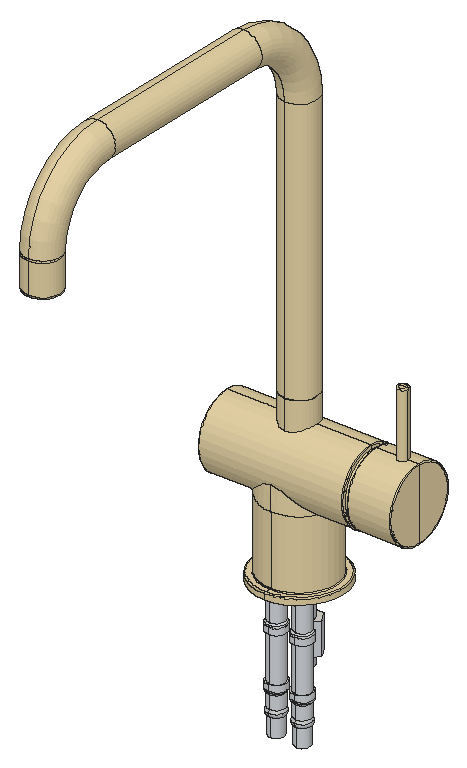
Revit family "Reece_Tap_Sussex_Scala_Square_Sink Mixer", category Plumbing Fixtures, host Face, Revit 2018
Family settings
  Host = Face
  Round Connector Dimension = Use Diameter
  Part Type = Normal
  Cut with Voids When Loaded = No
  Shared = Yes
  Room Calculation Point = Yes
Parameters (values of type "200 mm_4 Star_Right Hand_Living Rustic Bronze")
  WFU = 0  # constant formula
  URL = "https://www.reece.com.au/product/-2281057"
  Type Comments = "Tap"
  Reece_Tap_Spout_Radius = 11 mm
  Reece_Tap_Spout_Angle = 43 mm
  Reece_Tap_Reach = 200 mm
  Reece_Tap_Inlet = 12 mm  # constant formula
  Reece_Tap_Clearance = 250 mm
  Reece_Right_Hand = not(Reece_Left_Hand)  # yes
  Reece_Product_Web Page = "https://www.reece.com.au/product/-2281057"
  Reece_Product_Type = "Tap"  # constant formula
  Reece_Product_Sub Brand = "Scala"  # constant formula
  Reece_Product_Number = "2281057"
  Reece_Product_Mount = "Hob Mounted"
  Reece_Product_Description = "Sussex Scala Sink Mixer Tap Large Square Right Hand Living Rustic Bronze (4 Star)"
  Reece_Product_Brand = "Sussex"  # constant formula
  Reece_Overall_Height = 325 mm
  Reece_Overall_Diameter = 54 mm  # constant formula
  Reece_Material_Main = Reece_Metal_Bronze_Living Rustic
  Reece_Left_Hand = no
  Reece_Detail_Type = "Sink Mixer"  # constant formula
  Reece_Detail_Shape = "Square"  # constant formula
  Reece_Detail_Disclaimer = "THIS FILE IS THE PROPERTY OF THE REECE GROUP. IT MAY NOT BE REPRODUCED, REVERSE-ENGINEERED OR MODIFIED. ANY REPUBLICATION, TRANSMISSION OR DISTRIBUTION FOR THE PURPOSE OF COMMERCIALLY EXPLOITING THE FILES IS PROHIBITED."  # constant formula
  Model = "Scala"
  Manufacturer = "Sussex"
  Keynote = "Product #2281057, Reece_Tap_Sussex_Scala_Square_Sink Mixer - 200 mm_4 Star_Right Hand_Living Rustic Bronze"
  HWFU = 0  # constant formula
  Disclaimer = "THIS FILE IS THE PROPERTY OF THE REECE GROUP. IT MAY NOT BE REPRODUCED, REVERSE-ENGINEERED OR MODIFIED. ANY REPUBLICATION, TRANSMISSION OR DISTRIBUTION FOR THE PURPOSE OF COMMERCIALLY EXPLOITING THE FILES IS PROHIBITED."  # constant formula
  Description = "Scala Sink Mixer Tap Large Square Right Hand Living Rustic Bronze (4 Star)"
  Default Elevation = 1000 mm
  CWFU = 0  # constant formula
Types (17, lengths in mm): name | URL | Reece_Tap_Spout_Radius | Reece_Tap_Spout_Angle | Reece_Tap_Reach | Reece_Tap_Clearance | Reece_Right_Hand | Reece_Product_Web Page | Reece_Product_Number | Reece_Product_Description | Reece_Overall_Height | Reece_Material_Main | Reece_Left_Hand | Keynote | Description
  200 mm_4 Star_Left Hand_PVD Brushed Platinum Gold | "https://www.reece.com.au/product/-2268196" | 11 | 43 | 200 | 250 | no | "https://www.reece.com.au/product/-2268196" | "2268196" | "Sussex Scala Sink Mixer Tap Large Square Left Hand LUX PVD Brushed Platinum Gold (4 Star)" | 325 | Reece_PVD_Brushed_Platinum Gold | yes | "Product #2268196, Reece_Tap_Sussex_Scala_Square_Sink Mixer - 200 mm_4 Star_Left Hand_PVD Brushed Platinum Gold" | "Scala Sink Mixer Tap Large Square Left Hand LUX PVD Brushed Platinum Gold (4 Star)"
  200 mm_4 Star_Left Hand_Chrome | "https://www.reece.com.au/product/-2263000" | 11 | 43 | 200 | 250 | no | "https://www.reece.com.au/product/-2263000" | "2263000" | "Sussex Scala Sink Mixer Tap Large Square Left Hand Chrome (4 Star)" | 325 | Reece_Brass_Chrome | yes | "Product #2263000, Reece_Tap_Sussex_Scala_Square_Sink Mixer - 200 mm_4 Star_Left Hand_Chrome" | "Scala Sink Mixer Tap Large Square Left Hand Chrome (4 Star)"
  200 mm_4 Star_Left Hand_Satin Chrome | "https://www.reece.com.au/product/-2263001" | 11 | 43 | 200 | 250 | no | "https://www.reece.com.au/product/-2263001" | "2263001" | "Sussex Scala Sink Mixer Tap Large Square Left Hand Satin Chrome (4 Star)" | 325 | Reece_Brass_Satin Chrome | yes | "Product #2263001, Reece_Tap_Sussex_Scala_Square_Sink Mixer - 200 mm_4 Star_Left Hand_Satin Chrome" | "Scala Sink Mixer Tap Large Square Left Hand Satin Chrome (4 Star)"
  210 mm_4 Star_Right Hand_Brushed Stainless Steel | "https://www.reece.com.au/product/-2263005" | 12.5 | 45 | 210 | 240 | yes | "https://www.reece.com.au/product/-2263005" | "2263005" | "Sussex Scala Sink Mixer Tap Large Square Right Hand 316 Stainless Steel (4 Star)" | 330 | Reece_Metal_Brushed Stainless Steel | no | "Product #2263005, Reece_Tap_Sussex_Scala_Square_Sink Mixer - 210 mm_4 Star_Right Hand_Brushed Stainless Steel" | "Scala Sink Mixer Tap Large Square Right Hand 316 Stainless Steel (4 Star)"
  200 mm_4 Star_Right Hand_Brushed Gunmetal | "https://www.reece.com.au/product/-2263126" | 11 | 43 | 200 | 250 | yes | "https://www.reece.com.au/product/-2263126" | "2263126" | "Sussex Scala Sink Mixer Tap Large Square Right Hand Brushed Gunmetal (4 Star)" | 325 | Reece_Brass_Brushed Gunmetal | no | "Product #2263126, Reece_Tap_Sussex_Scala_Square_Sink Mixer - 200 mm_4 Star_Right Hand_Brushed Gunmetal" | "Scala Sink Mixer Tap Large Square Right Hand Brushed Gunmetal (4 Star)"
  200 mm_4 Star_Right Hand_Brushed Nickel | "https://www.reece.com.au/product/-2263405" | 11 | 43 | 200 | 250 | yes | "https://www.reece.com.au/product/-2263405" | "2263405" | "Sussex Scala Sink Mixer Tap Large Square Right Hand Brushed Nickel (4 Star)" | 325 | Reece_Brass_Brushed Nickel | no | "Product #2263405, Reece_Tap_Sussex_Scala_Square_Sink Mixer - 200 mm_4 Star_Right Hand_Brushed Nickel" | "Scala Sink Mixer Tap Large Square Right Hand Brushed Nickel (4 Star)"
  200 mm_4 Star_Right Hand_Chrome | "https://www.reece.com.au/product/-2261625" | 11 | 43 | 200 | 250 | yes | "https://www.reece.com.au/product/-2261625" | "2261625" | "Sussex Scala Sink Mixer Tap Large Square Right Hand Chrome (4 Star)" | 325 | Reece_Brass_Chrome | no | "Product #2261625, Reece_Tap_Sussex_Scala_Square_Sink Mixer - 200 mm_4 Star_Right Hand_Chrome" | "Scala Sink Mixer Tap Large Square Right Hand Chrome (4 Star)"
  200 mm_4 Star_Right Hand_Living Rustic Bronze | "https://www.reece.com.au/product/-2281057" | 11 | 43 | 200 | 250 | yes | "https://www.reece.com.au/product/-2281057" | "2281057" | "Sussex Scala Sink Mixer Tap Large Square Right Hand Living Rustic Bronze (4 Star)" | 325 | Reece_Metal_Bronze_Living Rustic | no | "Product #2281057, Reece_Tap_Sussex_Scala_Square_Sink Mixer - 200 mm_4 Star_Right Hand_Living Rustic Bronze" | "Scala Sink Mixer Tap Large Square Right Hand Living Rustic Bronze (4 Star)"
  200 mm_4 Star_Right Hand_Living Tumbled Brass | "https://www.reece.com.au/product/-2263129" | 11 | 43 | 200 | 250 | yes | "https://www.reece.com.au/product/-2263129" | "2263129" | "Sussex Scala Sink Mixer Tap Large Square Right Hand Living Tumbled Brass (4 Star)" | 325 | Reece_Brass_Living Tumbled | no | "Product #2263129, Reece_Tap_Sussex_Scala_Square_Sink Mixer - 200 mm_4 Star_Right Hand_Living Tumbled Brass" | "Scala Sink Mixer Tap Large Square Right Hand Living Tumbled Brass (4 Star)"
  200 mm_4 Star_Right Hand_PVD Brushed Platinum Gold | "https://www.reece.com.au/product/-2268195" | 11 | 43 | 200 | 250 | yes | "https://www.reece.com.au/product/-2268195" | "2268195" | "Sussex Scala Sink Mixer Tap Large Square Right Hand LUX PVD Brushed Platinum Gold (4 Star)" | 325 | Reece_PVD_Brushed_Platinum Gold | no | "Product #2268195, Reece_Tap_Sussex_Scala_Square_Sink Mixer - 200 mm_4 Star_Right Hand_PVD Brushed Platinum Gold" | "Scala Sink Mixer Tap Large Square Right Hand LUX PVD Brushed Platinum Gold (4 Star)"
  200 mm_4 Star_Right Hand_Matte Black | "https://www.reece.com.au/product/-2263127" | 11 | 43 | 200 | 250 | yes | "https://www.reece.com.au/product/-2263127" | "2263127" | "Sussex Scala Sink Mixer Tap Large Square Right Hand Matte Black (4 Star)" | 325 | Reece_Brass_Matte Black | no | "Product #2263127, Reece_Tap_Sussex_Scala_Square_Sink Mixer - 200 mm_4 Star_Right Hand_Matte Black" | "Scala Sink Mixer Tap Large Square Right Hand Matte Black (4 Star)"
  200 mm_4 Star_Right Hand_Satin Chrome | "https://www.reece.com.au/product/-2261673" | 11 | 43 | 200 | 250 | yes | "https://www.reece.com.au/product/-2261673" | "2261673" | "Sussex Scala Sink Mixer Tap Large Square Right Hand Satin Chrome (4 Star)" | 325 | Reece_Brass_Satin Chrome | no | "Product #2261673, Reece_Tap_Sussex_Scala_Square_Sink Mixer - 200 mm_4 Star_Right Hand_Satin Chrome" | "Scala Sink Mixer Tap Large Square Right Hand Satin Chrome (4 Star)"
  145 mm_4 Star_Left Hand_Chrome | "https://www.reece.com.au/product/-2262899" | 11 | 45 | 145 | 150 | no | "https://www.reece.com.au/product/-2262899" | "2262899" | "Sussex Scala Sink Mixer Tap Small Square Left Hand Chrome (4 Star)" | 240 | Reece_Brass_Chrome | yes | "Product #2262899, Reece_Tap_Sussex_Scala_Square_Sink Mixer - 145 mm_4 Star_Left Hand_Chrome" | "Scala Sink Mixer Tap Small Square Left Hand Chrome (4 Star)"
  145 mm_4 Star_Left Hand_Satin Chrome | "https://www.reece.com.au/product/-2262900" | 11 | 45 | 145 | 150 | no | "https://www.reece.com.au/product/-2262900" | "2262900" | "Sussex Scala Sink Mixer Tap Small Square Left Hand Satin Chrome (4 Star)" | 240 | Reece_Brass_Satin Chrome | yes | "Product #2262900, Reece_Tap_Sussex_Scala_Square_Sink Mixer - 145 mm_4 Star_Left Hand_Satin Chrome" | "Scala Sink Mixer Tap Small Square Left Hand Satin Chrome (4 Star)"
  145 mm_4 Star_Right Hand_Brushed Nickel | "https://www.reece.com.au/product/-2263997" | 11 | 45 | 145 | 150 | yes | "https://www.reece.com.au/product/-2263997" | "2263997" | "Sussex Scala Sink Mixer Tap Small Square Right Hand Brushed Nickel (4 Star)" | 240 | Reece_Brass_Brushed Nickel | no | "Product #2263997, Reece_Tap_Sussex_Scala_Square_Sink Mixer - 145 mm_4 Star_Right Hand_Brushed Nickel" | "Scala Sink Mixer Tap Small Square Right Hand Brushed Nickel (4 Star)"
  145 mm_4 Star_Right Hand_Chrome | "https://www.reece.com.au/product/-2261621" | 11 | 45 | 145 | 150 | yes | "https://www.reece.com.au/product/-2261621" | "2261621" | "Sussex Scala Sink Mixer Tap Small Square Right Hand Chrome (4 Star)" | 240 | Reece_Brass_Chrome | no | "Product #2261621, Reece_Tap_Sussex_Scala_Square_Sink Mixer - 145 mm_4 Star_Right Hand_Chrome" | "Scala Sink Mixer Tap Small Square Right Hand Chrome (4 Star)"
  145 mm_4 Star_Right Hand_Satin Chrome | "https://www.reece.com.au/product/-2261668" | 11 | 45 | 145 | 150 | yes | "https://www.reece.com.au/product/-2261668" | "2261668" | "Sussex Scala Sink Mixer Tap Small Square Right Hand Satin Chrome (4 Star)" | 240 | Reece_Brass_Satin Chrome | no | "Product #2261668, Reece_Tap_Sussex_Scala_Square_Sink Mixer - 145 mm_4 Star_Right Hand_Satin Chrome" | "Scala Sink Mixer Tap Small Square Right Hand Satin Chrome (4 Star)"
Reference planes
  plane 1 "Center (Front/Back)": y = 0
  plane 2 "Bottom": z = 0
  plane 3 "Center (Left/Right)": x = 0
  plane 4: z = 250
  plane 5: z = 130
  plane 6: z = 325
  plane 7: y = 22.5
  plane 8: y = -22.5
  plane 9: y = -200
  plane 10: z = 90
  plane 11: z = 67.5
  plane 12: z = 45
  plane 13: x = -27
  plane 14: x = 27
  plane 15: x = -75.1
  plane 16: x = 44.9
  plane 17: x = -11
  plane 18: x = 11
  plane 19: x = -45.1
  plane 20: x = 74.9
  plane 21: y = -73
  plane 22: z = 270
Forms (mm)
  Revolve 1, solid, material "Reece_Metal_Bronze_Living Rustic" <- "Reece_Material_Main"
    sketch origin (0, 0, 0) x (1, 0, 0) y (0, 0, 1)
      loop
        line (-45.1, 67.5) -> (44.9, 67.5) -> (44.9, 89.5)
        arc (44.9, 89.5) -> (44.754, 89.854) -> (44.4, 90) r 0.5
        line (44.4, 90) -> (-44.575, 90)
        arc (-44.575, 90) -> (-44.946, 89.846) -> (-45.1, 89.475) r 0.525
        line (-45.1, 89.475) -> (-45.1, 67.5)
      axis (-45.1, 67.5) -> (44.9, 67.5)
    angle from 0 to 360
  Revolve 2, solid, material "Reece_Metal_Bronze_Living Rustic" <- "Reece_Material_Main", visible <- "Reece_Left_Hand"
    sketch origin (-12.1, 0, 0) x (1, 0, 0) y (0, 0, 1)
      loop
        arc (-33, 88.26) -> (-47.019, 81.96) -> (-52.227, 67.5) r 19.669
        line (-52.227, 67.5) -> (-33, 67.5) -> (-33, 88.26)
      axis (-52.227, 67.5) -> (-33, 67.5)
    angle from 0 to 360
  Revolve 3, solid, material "Reece_Metal_Bronze_Living Rustic" <- "Reece_Material_Main", visible <- "Reece_Left_Hand"
    sketch origin (-12, 0, 0) x (1, 0, 0) y (0, 0, 1)
      loop
        line (-63.1, 67.5) -> (-36, 67.5) -> (-36, 89.5)
        arc (-36, 89.5) -> (-36.146, 89.854) -> (-36.5, 90) r 0.5
        line (-36.5, 90) -> (-62.6, 90)
        arc (-62.6, 90) -> (-62.954, 89.854) -> (-63.1, 89.5) r 0.5
        line (-63.1, 89.5) -> (-63.1, 67.5)
      axis (-63.1, 67.5) -> (-36, 67.5)
    angle from 0 to 360
  Revolve 4, solid, material "Reece_Metal_Bronze_Living Rustic" <- "Reece_Material_Main", visible <- "Reece_Left_Hand"
    sketch origin (-12, 0, 0) x (1, 0, 0) y (0, 0, 1)
      loop
        line (-52.7, 130) -> (-52.7, 73.2) -> (-49.55, 73.2) -> (-49.55, 129.385)
        arc (-49.55, 129.385) -> (-49.73, 129.82) -> (-50.165, 130) r 0.615
        line (-50.165, 130) -> (-52.7, 130)
      axis (-52.7, 130) -> (-52.7, 73.2)
    angle from 0 to 360
  Extrusion 5, void
    sketch origin (0, 0, 0) x (1, 0, 0) y (0, 1, 0)
      loop
        circle (0, 0) r 15.193
    from -15.592 to 15.518
  Revolve 6, solid, material "Reece_Metal_Bronze_Living Rustic" <- "Reece_Material_Main"
    sketch origin (0, -20, 0) x (0, 1, 0) y (0, 0, 1)
      loop
        line (-180, 250) -> (-180, 271.165) -> (-190.2, 271.165) -> (-190.2, 269.959) -> (-191, 269.959) -> (-191, 250.5)
        arc (-191, 250.5) -> (-190.854, 250.146) -> (-190.5, 250) r 0.5
        line (-190.5, 250) -> (-189.644, 250) -> (-189.644, 251.428) -> (-188.793, 251.428) -> (-187.968, 250) -> (-180, 250)
      axis (-180, 271.165) -> (-180, 250)
    angle from 0 to 360
  Revolve 7, solid
    sketch origin (0, -6.983, -4.38) x (0, 1, 0) y (0, 0, 1)
      loop
        line (11.924, 6.27) -> (11.924, -47)
        arc (11.924, -47) -> (12.07, -47.353) -> (12.424, -47.5) r 0.5
        line (12.424, -47.5) -> (14.924, -47.5) -> (14.924, 6.27) -> (11.924, 6.27)
      axis (14.924, -47.5) -> (14.924, 6.27)
    angle from 0 to 360
  Extrusion 8, solid
    sketch origin (619.2, -626.183, -34.38) x (1, 0, 0) y (0, 1, 0)
      loop
        circle (-619.2, 634.124) r 3
      loop
        line (-622.996, 640.698) -> (-626.791, 634.124) -> (-622.996, 627.549) -> (-615.404, 627.549) -> (-611.609, 634.124) -> (-615.404, 640.698) -> (-622.996, 640.698)
    from -10 to 10
  Revolve 9, solid
    sketch origin (-8.271, -4579.5, 333.442) x (0, 0, 1) y (0, -1, 0)
      loop
        line (-389.647, -4565.8) -> (-393.549, -4565.8)
        arc (-393.549, -4565.8) -> (-394.023, -4565.877) -> (-394.449, -4566.101) r 1.5
        line (-394.449, -4566.101) -> (-395.687, -4567.03) -> (-404.047, -4567.03) -> (-406.076, -4566.425)
        arc (-406.076, -4566.425) -> (-407.469, -4566.518) -> (-408.462, -4567.5) r 2
        line (-408.462, -4567.5) -> (-419.774, -4567.5) -> (-419.774, -4572) -> (-331.553, -4572) -> (-331.553, -4568.64) -> (-338.011, -4568.64) -> (-338.011, -4567.03) -> (-355.506, -4567.03) -> (-356.743, -4566.101)
        arc (-356.743, -4566.101) -> (-357.169, -4565.877) -> (-357.644, -4565.8) r 1.5
        line (-357.644, -4565.8) -> (-361.546, -4565.8) -> (-361.546, -4567) -> (-389.647, -4567) -> (-389.647, -4565.8)
      axis (-419.774, -4572) -> (-331.553, -4572)
    angle from 0 to 360
  Revolve 10, solid
    sketch origin (8.029, -4579.5, 333.442) x (0, 0, 1) y (0, 1, 0)
      loop
        line (-389.647, 4565.8) -> (-389.647, 4567) -> (-361.546, 4567) -> (-361.546, 4565.8) -> (-357.644, 4565.8)
        arc (-357.644, 4565.8) -> (-357.169, 4565.877) -> (-356.743, 4566.101) r 1.5
        line (-356.743, 4566.101) -> (-355.506, 4567.03) -> (-338.011, 4567.03) -> (-338.011, 4568.64) -> (-331.553, 4568.64) -> (-331.553, 4572) -> (-419.774, 4572) -> (-419.774, 4567.5) -> (-408.462, 4567.5)
        arc (-408.462, 4567.5) -> (-407.469, 4566.518) -> (-406.076, 4566.425) r 2
        line (-406.076, 4566.425) -> (-404.047, 4567.03) -> (-395.687, 4567.03) -> (-394.449, 4566.101)
        arc (-394.449, 4566.101) -> (-394.023, 4565.877) -> (-393.549, 4565.8) r 1.5
        line (-393.549, 4565.8) -> (-389.647, 4565.8)
      axis (-419.774, 4572) -> (-331.553, 4572)
    angle from 0 to 360
  Revolve 11, solid, material "Reece_Metal_Bronze_Living Rustic" <- "Reece_Material_Main"
    sketch origin (0, 0, 0) x (0, 1, 0) y (0, 0, 1)
      loop
        line (-15.193, 0) -> (-15.193, 1.889) -> (0, 1.889) -> (0, 106.091) -> (-9.884, 106.091) -> (-11, 105.154) -> (-11, 65) -> (-21.5, 65)
        arc (-21.5, 65) -> (-22.25, 56.014) -> (-22.5, 47) r 162.5
        line (-22.5, 47) -> (-22.5, 4.5)
        arc (-22.5, 4.5) -> (-22.646, 4.146) -> (-23, 4) r 0.5
        line (-23, 4) -> (-26.4, 4)
        arc (-26.4, 4) -> (-26.824, 3.824) -> (-27, 3.4) r 0.6
        line (-27, 3.4) -> (-27, 0) -> (-15.193, 0)
      axis (0, 106.091) -> (0, 0)
    angle from 0 to 360
  Revolve 12, solid, material "Reece_Metal_Bronze_Living Rustic" <- "Reece_Material_Main", visible <- "Reece_Right_Hand"
    sketch origin (11.9, 0, 0) x (-1, 0, 0) y (0, 0, 1)
      loop
        arc (-33, 88.26) -> (-47.019, 81.96) -> (-52.227, 67.5) r 19.669
        line (-52.227, 67.5) -> (-33, 67.5) -> (-33, 88.26)
      axis (-52.227, 67.5) -> (-33, 67.5)
    angle from 0 to 360
  Revolve 13, solid, material "Reece_Metal_Bronze_Living Rustic" <- "Reece_Material_Main", visible <- "Reece_Right_Hand"
    sketch origin (11.8, 0, 0) x (-1, 0, 0) y (0, 0, 1)
      loop
        line (-63.1, 67.5) -> (-36, 67.5) -> (-36, 89.5)
        arc (-36, 89.5) -> (-36.146, 89.854) -> (-36.5, 90) r 0.5
        line (-36.5, 90) -> (-62.6, 90)
        arc (-62.6, 90) -> (-62.954, 89.854) -> (-63.1, 89.5) r 0.5
        line (-63.1, 89.5) -> (-63.1, 67.5)
      axis (-63.1, 67.5) -> (-36, 67.5)
    angle from 0 to 360
  Revolve 14, solid, material "Reece_Metal_Bronze_Living Rustic" <- "Reece_Material_Main", visible <- "Reece_Right_Hand"
    sketch origin (12, 0, 0) x (-1, 0, 0) y (0, 0, 1)
      loop
        line (-52.7, 130) -> (-52.7, 73.2) -> (-49.55, 73.2) -> (-49.55, 129.385)
        arc (-49.55, 129.385) -> (-49.73, 129.82) -> (-50.165, 130) r 0.615
        line (-50.165, 130) -> (-52.7, 130)
      axis (-52.7, 130) -> (-52.7, 73.2)
    angle from 0 to 360
  Sweep 15, solid, material "Reece_Metal_Bronze_Living Rustic" <- "Reece_Material_Main"
    path origin (0, 0, 0) x (0, 1, 0) y (0, 0, 1)
      loop
        line (0, 105.643) -> (0, 271)
        arc (0, 271) -> (-12.594, 301.406) -> (-43, 314) r 43
        line (-43, 314) -> (-157, 314)
        arc (-157, 314) -> (-187.406, 301.406) -> (-200, 271) r 43
        line (-200, 271) -> (-200, 269.959)
    profile origin (0, 0, 188.322) x (0, -1, 0) y (1, 0, 0)
      loop
        circle (0, 0) r 11
Cuts and joins
  joined: Revolve 1, Revolve 11, Sweep 15
  joined: Revolve 2, Revolve 3, Revolve 4
  joined: Revolve 13, Revolve 14
Text (mm)
  text "Reece Copyright © 2018, Reece Ltd." at (-296.225, -219.523, 0), in view "Ref. Level"
  text "Reece ©" at (44.384, 258.95, 192.345), in view "Reece Preview"
Dimensions and locks
  "Reece_Tap_Clearance": plane 4 to plane 2 "Bottom"
  "Reece_Overall_Height": plane 6 to plane 2 "Bottom"
  "Reece_Tap_Reach": plane 1 "Center (Front/Back)" to plane 9
  plane 10 to plane 2 "Bottom" = 90 mm
  plane 5 to plane 12 = 85 mm
  "Reece_Overall_Diameter": plane 13 to plane 14
  plane 15 to plane 16 = 120 mm
  plane 15 to plane 3 "Center (Left/Right)" to plane 20 = 75.1 mm, 74.9 mm
  plane 11 to host face = 67.5 mm
  "Reece_Tap_Spout_Radius": Sweep 15 sketch curve to plane 6
  plane 17 to plane 18 = 22 mm
  "Reece_Tap_Spout_Radius": Revolve 6 sketch curve to Revolve 6 sketch curve
  "Reece_Tap_Spout_Radius": Revolve 11 sketch curve to Revolve 11 sketch curve
  locked: plane 22 to plane 4 at 20
  "Reece_Tap_Spout_Radius": radius of Sweep 15 sketch curve
  "Reece_Tap_Spout_Angle": radius of Sweep 15 sketch curve  (x2)
  aligned and locked: plane 2 "Bottom" to host face
  aligned and locked: level to host face
Automatic sketch dimensions
  host sketch curve to host sketch curve = 380.785 mm
  host sketch curve to host sketch curve = 317.421 mm
  Revolve 1 sketch curve to plane 11 = 0 mm  (x2)
  plane 19 to Revolve 1 sketch curve = 0 mm
  Revolve 1 sketch curve to plane 10 = 0 mm
  Revolve 1 sketch curve to plane 3 "Center (Left/Right)" = 0 mm
  plane 16 to Revolve 1 sketch curve = 0 mm
  Revolve 1 sketch curve to plane 19 = 0.525 mm
  plane 16 to Revolve 1 sketch curve = 0.5 mm
  plane 13 to Revolve 1 sketch curve = 2.502 mm
  Revolve 2 sketch curve to plane 11 = 0 mm  (x2)
  plane 19 to Revolve 2 sketch curve = 0 mm
  Revolve 2 sketch curve to plane 15 = 10.773 mm
  Revolve 2 sketch curve to plane 19 = 0.412 mm
  plane 11 to Revolve 2 sketch curve = 1.095 mm
  Revolve 2 sketch curve to Revolve 2 sketch curve = 5.701 mm
  Revolve 2 sketch curve to plane 19 = 1.467 mm
  plane 15 to Revolve 3 sketch curve = 0 mm
  Revolve 3 sketch curve to plane 10 = 0 mm
  Revolve 3 sketch curve to plane 11 = 0 mm  (x2)
  Revolve 3 sketch curve to plane 10 = 0.5 mm
  plane 19 to Revolve 3 sketch curve = 3.4 mm
  plane 19 to Revolve 3 sketch curve = 2.9 mm
  Revolve 3 sketch curve to plane 15 = 8.49 mm
  Revolve 3 sketch curve to Revolve 3 sketch curve = 2.842 mm
  Revolve 4 sketch curve to plane 5 = 0 mm
  Revolve 4 sketch curve to plane 15 = 10.4 mm
  plane 5 to Revolve 4 sketch curve = 0.615 mm
  Revolve 4 sketch curve to Revolve 4 sketch curve = 2.535 mm
  plane 11 to Revolve 4 sketch curve = 5.7 mm
  Revolve 4 sketch curve to Revolve 4 sketch curve = 0 mm
  Revolve 4 sketch curve to Revolve 4 sketch curve = 5 mm
  Revolve 4 sketch curve to Revolve 4 sketch curve = 2.831 mm
  plane 1 "Center (Front/Back)" to Extrusion 5 sketch curve = 0 mm
  Extrusion 5 sketch curve to plane 3 "Center (Left/Right)" = 0 mm
  level to Revolve 7 sketch curve = 1.889 mm
  Revolve 7 sketch curve to plane 1 "Center (Front/Back)" = 4.941 mm
  Revolve 7 sketch curve to Revolve 7 sketch curve = 0.5 mm
  Revolve 7 sketch curve to Revolve 7 sketch curve = 2.5 mm
  Revolve 7 sketch curve to level = 51.38 mm
  Revolve 7 sketch curve to plane 1 "Center (Front/Back)" = 7.941 mm
  Revolve 7 sketch curve to Revolve 7 sketch curve = 0 mm
  Revolve 7 sketch curve to Revolve 7 sketch curve = 13.87 mm
  Extrusion 8 sketch curve to Extrusion 8 sketch curve = 0 mm  (x3)
  Extrusion 8 sketch curve to plane 3 "Center (Left/Right)" = 0 mm
  Extrusion 8 sketch curve to plane 3 "Center (Left/Right)" = 3.796 mm  (x2)
  Extrusion 8 sketch curve to plane 1 "Center (Front/Back)" = 1.367 mm
  Extrusion 8 sketch curve to plane 17 = 3.409 mm
  plane 3 "Center (Left/Right)" to Extrusion 8 sketch curve = 3.796 mm  (x2)
  plane 18 to Extrusion 8 sketch curve = 3.409 mm
  Extrusion 8 sketch curve to Extrusion 8 sketch curve = 6.574 mm  (x3)
  Extrusion 8 sketch curve to Extrusion 8 sketch curve = 3 mm
  Revolve 9 sketch curve to plane 8 = 10.5 mm
  Revolve 9 sketch curve to level = 86.332 mm
  Revolve 9 sketch curve to Revolve 9 sketch curve = 11.313 mm
  Revolve 9 sketch curve to Revolve 9 sketch curve = 1.814 mm
  Revolve 9 sketch curve to plane 8 = 9.425 mm
  Revolve 9 sketch curve to Revolve 9 sketch curve = 0.571 mm
  Revolve 9 sketch curve to plane 8 = 10.03 mm  (x2)
  Revolve 9 sketch curve to Revolve 9 sketch curve = 2.029 mm
  Revolve 9 sketch curve to Revolve 9 sketch curve = 8.36 mm
  Revolve 9 sketch curve to plane 8 = 9.101 mm  (x2)
  Revolve 9 sketch curve to Revolve 9 sketch curve = 1.238 mm  (x2)
  Revolve 9 sketch curve to Revolve 9 sketch curve = 0.901 mm  (x2)
  Revolve 9 sketch curve to Revolve 9 sketch curve = 3.901 mm  (x2)
  Revolve 9 sketch curve to plane 8 = 8.8 mm
  Revolve 9 sketch curve to Revolve 9 sketch curve = 28.102 mm
  Revolve 9 sketch curve to level = 4.568 mm
  level to Revolve 9 sketch curve = 1.889 mm
  Revolve 9 sketch curve to Revolve 9 sketch curve = 1.61 mm
  Revolve 9 sketch curve to Revolve 9 sketch curve = 4.5 mm
  Revolve 9 sketch curve to Revolve 9 sketch curve = 1.199 mm
  Revolve 9 sketch curve to Revolve 9 sketch curve = 1.2 mm
  plane 1 "Center (Front/Back)" to Revolve 9 sketch curve = 7.5 mm
  Revolve 9 sketch curve to Revolve 9 sketch curve = 71.41 mm
  Revolve 9 sketch curve to level = 1.522 mm
  Revolve 10 sketch curve to plane 8 = 10.5 mm
  Revolve 10 sketch curve to level = 86.332 mm
  Revolve 10 sketch curve to Revolve 10 sketch curve = 11.313 mm
  Revolve 10 sketch curve to Revolve 10 sketch curve = 1.814 mm
  Revolve 10 sketch curve to plane 8 = 9.425 mm
  Revolve 10 sketch curve to Revolve 10 sketch curve = 0.571 mm
  Revolve 10 sketch curve to plane 8 = 10.03 mm  (x2)
  Revolve 10 sketch curve to Revolve 10 sketch curve = 2.029 mm
  Revolve 10 sketch curve to Revolve 10 sketch curve = 8.36 mm
  Revolve 10 sketch curve to plane 8 = 9.101 mm  (x2)
  Revolve 10 sketch curve to Revolve 10 sketch curve = 1.238 mm  (x2)
  Revolve 10 sketch curve to Revolve 10 sketch curve = 0.901 mm  (x2)
  Revolve 10 sketch curve to Revolve 10 sketch curve = 3.901 mm  (x2)
  Revolve 10 sketch curve to plane 8 = 8.8 mm
  Revolve 10 sketch curve to Revolve 10 sketch curve = 28.102 mm
  Revolve 10 sketch curve to level = 4.568 mm
  level to Revolve 10 sketch curve = 1.889 mm
  Revolve 10 sketch curve to Revolve 10 sketch curve = 0.301 mm
  Revolve 10 sketch curve to Revolve 10 sketch curve = 1.2 mm
  Revolve 10 sketch curve to Revolve 10 sketch curve = 1.61 mm
  Revolve 10 sketch curve to Revolve 10 sketch curve = 4.5 mm
  plane 1 "Center (Front/Back)" to Revolve 10 sketch curve = 7.5 mm
  Revolve 10 sketch curve to Revolve 10 sketch curve = 71.41 mm
  Revolve 10 sketch curve to level = 1.522 mm
  Revolve 12 sketch curve to plane 11 = 0 mm  (x2)
  plane 16 to Revolve 12 sketch curve = 0 mm
  plane 20 to Revolve 12 sketch curve = 10.773 mm
  Revolve 12 sketch curve to plane 16 = 0.412 mm
  Revolve 12 sketch curve to plane 11 = 1.095 mm
  Revolve 12 sketch curve to Revolve 12 sketch curve = 5.701 mm
  Revolve 12 sketch curve to plane 16 = 1.467 mm
  Revolve 13 sketch curve to plane 20 = 0 mm
  Revolve 13 sketch curve to plane 10 = 0 mm
  Revolve 13 sketch curve to plane 11 = 0 mm  (x2)
  plane 10 to Revolve 13 sketch curve = 0.5 mm
  plane 16 to Revolve 13 sketch curve = 3.4 mm
  plane 16 to Revolve 13 sketch curve = 2.9 mm
  Revolve 13 sketch curve to Revolve 13 sketch curve = 8.49 mm
  Revolve 13 sketch curve to Revolve 13 sketch curve = 2.842 mm
  Revolve 14 sketch curve to plane 5 = 0 mm
  plane 20 to Revolve 14 sketch curve = 10.2 mm
  Revolve 14 sketch curve to plane 5 = 0.615 mm
  Revolve 14 sketch curve to Revolve 14 sketch curve = 2.535 mm
  Revolve 14 sketch curve to plane 11 = 5.7 mm
  Revolve 14 sketch curve to Revolve 14 sketch curve = 0 mm
  Revolve 14 sketch curve to Revolve 14 sketch curve = 5 mm
  Revolve 14 sketch curve to Revolve 14 sketch curve = 2.831 mm
  Revolve 6 sketch curve to plane 4 = 0 mm  (x2)
  Revolve 6 sketch curve to plane 9 = 0 mm  (x2)
  Revolve 6 sketch curve to Revolve 6 sketch curve = 0.5 mm
  Revolve 6 sketch curve to Revolve 6 sketch curve = 0.8 mm
  Revolve 6 sketch curve to Revolve 6 sketch curve = 0.856 mm
  Revolve 6 sketch curve to Revolve 6 sketch curve = 0.851 mm
  Revolve 6 sketch curve to Revolve 6 sketch curve = 0.824 mm
  Revolve 6 sketch curve to Revolve 6 sketch curve = 0.928 mm
  Revolve 6 sketch curve to Revolve 6 sketch curve = 18.531 mm
  Revolve 6 sketch curve to Revolve 6 sketch curve = 1.206 mm
  Revolve 6 sketch curve to plane 4 = 6.16 mm
  Revolve 6 sketch curve to Revolve 6 sketch curve = 3.84 mm
  level to Revolve 11 sketch curve = 0 mm
  Revolve 11 sketch curve to plane 8 = 0 mm
  Revolve 11 sketch curve to plane 1 "Center (Front/Back)" = 0 mm  (x2)
  Revolve 11 sketch curve to Revolve 11 sketch curve = 0.5 mm
  Revolve 11 sketch curve to Revolve 11 sketch curve = 3.4 mm  (x2)
  Revolve 11 sketch curve to Revolve 11 sketch curve = 0.6 mm
  Revolve 11 sketch curve to plane 8 = 1 mm
  Revolve 11 sketch curve to plane 8 = 7.307 mm
  Revolve 11 sketch curve to Revolve 11 sketch curve = 1.116 mm
  plane 12 to Revolve 11 sketch curve = 2 mm
  plane 7 to Revolve 11 sketch curve = 117.5 mm
  level to Revolve 11 sketch curve = 1.889 mm
  plane 10 to Revolve 11 sketch curve = 15.154 mm
  Revolve 11 sketch curve to Revolve 11 sketch curve = 0.936 mm
  Revolve 11 sketch curve to level = 30 mm
  Revolve 11 sketch curve to plane 12 = 20 mm
  Sweep 15 sketch curve to plane 9 = 0 mm
  Sweep 15 sketch curve to plane 1 "Center (Front/Back)" = 0 mm
  Sweep 15 sketch curve to plane 22 = 0.041 mm
  plane 10 to Sweep 15 sketch curve = 15.643 mm
  Sweep 15 sketch curve to plane 3 "Center (Left/Right)" = 0 mm
  Sweep 15 sketch curve to profile plane = 0 mm
  radius of Extrusion 5 sketch curve = 15.193 mm
Connectors
  piping at (-8.271, -7.5, -86.332), diameter 12, driven by "Reece_Tap_Inlet"
    settings: on Revolve 9, index 1, connector inside diameter 609.6 mm, connector length 0 mm, flow factor 0, pipe flow 0.0 L/s, pressure drop 0.0 Pa, fitting loss kfactor 0, connector angle 0.00°, fixture units 0, engagement length 0 mm, angle of deflection 0.00°, flow configuration 0, flow direction 1, fitting loss method 0, system type 29, joint type 0, gender type 0, connector reference index -1, connector utility 0, adjustable connector no, is connector primary yes, connector description ""
  piping at (8.029, -7.5, -86.332), diameter 12, driven by "Reece_Tap_Inlet"
    settings: on Revolve 10, index 2, connector inside diameter 609.6 mm, connector length 0 mm, flow factor 0, pipe flow 0.0 L/s, pressure drop 0.0 Pa, fitting loss kfactor 0, connector angle 0.00°, fixture units 0, engagement length 0 mm, angle of deflection 0.00°, flow configuration 0, flow direction 1, fitting loss method 0, system type 29, joint type 0, gender type 0, connector reference index -1, connector utility 0, adjustable connector no, is connector primary no, connector description ""
